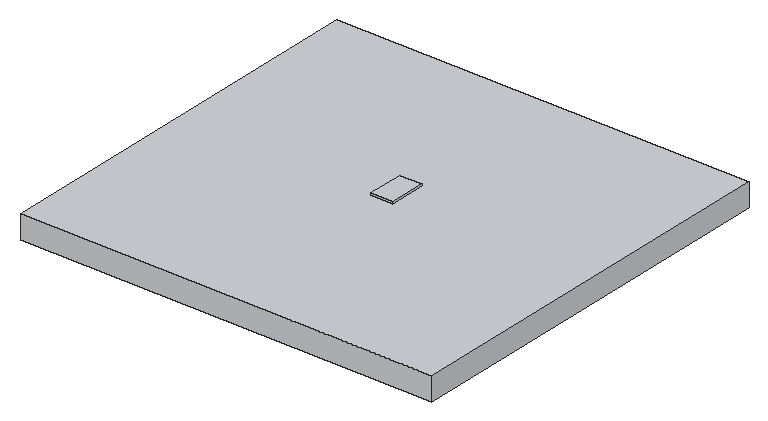
Revit family "M_Tomada dupla", category Iluminação elétrica, Revit 2019
Family settings
  Hospedeiro = Face
  Manter orientação da anotação = Sim
  Cota do conector redondo = Utilizar diâmetro
  Tipo de parte = Normal
  Número OmniClass = 23.80.50.11.17
  Título OmniClass = Ground Fault Receptacles
  ID de item do Seek = Duplex Receptacle-0000-CAN-ENU
  Corte com vazios quando carregada = Não
  Compartilhado = Não
  Ponto de cálculo do ambiente = Não
Parameters (values of type "GFCI")
  Voltagem do interruptor = 120 V
  Classificação de carga = Receptáculo
  Carga = 180 VA
  Legenda = "GFCI"
  Elevação-padrão = 1200 mm
  Assembly Code = ""
Types (2, lengths in mm): name | Legenda | Elevação-padrão
  GFCI | "GFCI" | 1200
  Padrão | "" | 460
Reference planes
  plane 1 "Centro (Frente/Trás)": y = 0
  plane 2: z = 0
  plane 3 "Centro (Esquerda/Direita)": x = 0
  plane 4: x = -34.925
  plane 5: x = 34.925
  plane 6: x = -19.05
  plane 7: x = 19.05
  plane 8: y = 57.15
  plane 9: y = -57.15
  plane 10: y = 38.1
  plane 11: y = -38.1
  plane 12 "nível acima": z = 4.762
  plane 13 "nível abaixo": z = -53.975
Forms (mm)
  Extrusion 1, solid
    sketch origin (0, 0, 0) x (1, 0, 0) y (0, 1, 0)
      loop
        line (-644.525, 571.5) -> (-644.525, -666.75) -> (644.525, -666.75) -> (644.525, 571.5) -> (-644.525, 571.5)
    from 0 to -72.672
  Extrusion 2, solid
    sketch origin (0, 0, 0) x (1, 0, 0) y (0, 1, 0)
      loop
        line (-34.925, 57.15) -> (-34.925, -57.15) -> (34.925, -57.15) -> (34.925, 57.15) -> (-34.925, 57.15)
    from 0 to 4.762
  Extrusion 3, solid
    sketch origin (0, 0, 0) x (1, 0, 0) y (0, 1, 0)
      loop
        line (-19.05, 38.1) -> (-19.05, -38.1) -> (19.05, -38.1) -> (19.05, 38.1) -> (-19.05, 38.1)
    from 0 to -53.975
Lines and regions (mm)
  symbolic lines, detail levels fine
    curve 1: line (34.925, 0, 4.762) -> (-34.925, 0, 4.762)
    curve 2: line (34.925, 0, 0) -> (34.925, 0, 4.762)
    curve 3: line (-34.925, 0, 0) -> (34.925, 0, 0)
    curve 4: line (-34.925, 0, 4.762) -> (-34.925, 0, 0)
    curve 5: line (19.05, 0, -53.975) -> (-19.05, 0, -53.975)
    curve 6: line (19.05, 0, 0) -> (19.05, 0, -53.975)
    curve 7: line (-19.05, 0, -53.975) -> (-19.05, 0, 0)
Dimensions and locks
  equal spacing: plane 6, plane 3 "Centro (Esquerda/Direita)", plane 7, locked at 19.05 each
  locked: plane 6 to plane 7 at 38.1
  equal spacing: plane 4, plane 3 "Centro (Esquerda/Direita)", plane 5, locked at 34.925 each
  locked: plane 4 to plane 5 at 69.85
  locked: plane 8 to plane 9 at 114.3
  locked: plane 12 "nível acima" to level at 4.763
  locked: level to plane 13 "nível abaixo" at 53.975
  locked: plane 10 to plane 11 at 76.2
  equal spacing: plane 10, plane 1 "Centro (Frente/Trás)", plane 11, locked at 38.1 each
  equal spacing: plane 8, plane 1 "Centro (Frente/Trás)", plane 9, locked at 57.15 each
  aligned and locked: plane 2 to Extrusion 1
  aligned and locked: level to Extrusion 1
  aligned and locked: plane 8 to Extrusion 2
  aligned and locked: Extrusion 2 to plane 9
  aligned and locked: plane 5 to Extrusion 2
  aligned and locked: Extrusion 2 to plane 4
  aligned and locked: Extrusion 2 to level
  aligned and locked: plane 12 "nível acima" to Extrusion 2
  aligned and locked: plane 10 to Extrusion 3
  aligned and locked: Extrusion 3 to plane 6
  aligned and locked: plane 7 to Extrusion 3
  aligned and locked: Extrusion 3 to plane 11
  aligned and locked: Extrusion 3 to level
  aligned and locked: Extrusion 3 to plane 13 "nível abaixo"
  aligned and locked: plane 1 "Centro (Frente/Trás)" to nested 1
  aligned and locked: plane 3 "Centro (Esquerda/Direita)" to nested 1
  aligned and locked: plane 2 to curve 3
  aligned and locked: curve 1 to plane 12 "nível acima"
  aligned and locked: curve 4 to plane 4
  aligned and locked: plane 5 to curve 2
  aligned and locked: curve 7 to plane 6
  aligned and locked: plane 7 to curve 6
  aligned and locked: plane 13 "nível abaixo" to curve 5
Automatic sketch dimensions
  Extrusion 2 sketch curve to plane 4 = 0 mm
  Extrusion 2 sketch curve to plane 5 = 0 mm
  Extrusion 2 sketch curve to plane 9 = 0 mm
  Extrusion 2 sketch curve to plane 8 = 0 mm
  Extrusion 3 sketch curve to plane 6 = 0 mm
  Extrusion 3 sketch curve to plane 7 = 0 mm
  Extrusion 3 sketch curve to plane 11 = 0 mm
  Extrusion 3 sketch curve to plane 10 = 0 mm
  Extrusion 1 sketch curve to Extrusion 1 sketch curve = 1289.05 mm
  Extrusion 1 sketch curve to Extrusion 1 sketch curve = 1238.25 mm
Nested families
  nested 1: "M_Anotação dupla" at (0, 0, 0), Legenda <- "Legenda", type "M_Anotação dupla", detail levels coarse+medium
    with Legenda "GFCI"
Connectors
  electrical at (0, 38.1, -26.988), driven by "Voltagem do interruptor", driven by "Carga", driven by "Classificação de carga"
    settings: on Extrusion 3, index 1, voltage 120 V, apparent load 0 VA, apparent load phase1 180 VA, apparent load phase2 0 VA, apparent load phase3 0 VA, power factor 1, load classification "Receptáculo", number of poles 1, system type 31, power factor state 1, is connector primary yes, connector utility no, sub classification motor no, connector description ""
Definition of nested family "M_Anotação dupla"
  Parameters
    Legenda [instance] = ""
  Reference planes
    plane 1: y = 0
    plane 2: x = 0
  Lines and regions (mm)
    detail lines
      curve 1: line (-0.446, 0, 0) -> (-0.446, 4.366, 0)
      curve 2: circle (0, 3.05, 0) r 1.389 normal (0, 0, 1)
      curve 3: line (0.446, 0, 0) -> (0.446, 4.366, 0)
  Text (mm)
    label "A" at (0.799, 0.386, 0), shows "Legenda"
  Dimensions and locks
    equal spacing: curve 1, plane 2, curve 3
    locked: plane 2 to curve 3 at 0.446
    curve 1 to curve 3 = 0.893 mm
    aligned and locked: plane 2 to curve 2
